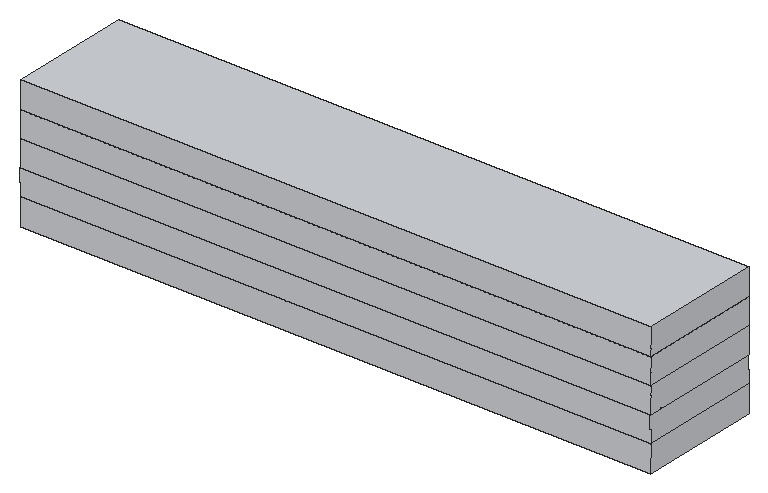
Revit family "_dom", category Generic Models, Revit 2025
Family settings
  Can host rebar = No
  Round Connector Dimension = Use Diameter
  Part Type = Normal
  Work Plane-Based = No
  Always vertical = Yes
  Cut with Voids When Loaded = No
  Maintain Annotation Orientation = No
  Shared = No
  Room Calculation Point = No
Parameters
  Default Elevation = 0 mm
  B = 14000 mm
  A = 72000 mm
Reference planes
  plane 1 "Center (Front/Back)": y = 0
  plane 2: z = 0
  plane 3 "Center (Left/Right)": x = 0
  plane 4: z = 0
  plane 5: z = 3000
  plane 6: z = 6000
  plane 7: z = 9000
  plane 8: z = 12000
Forms (mm)
  Extrusion 1, solid
    sketch origin (0, 2185.48, 0) x (0, 1, 0) y (-1, 0, 0)
      loop
        line (4814.52, 36000) -> (-9185.48, 36000) -> (-9185.48, -36000) -> (4814.52, -36000) -> (4814.52, 36000)
    from 0 to 3000
  Extrusion 2, solid
    sketch origin (0, 2185.48, 3000) x (0, 1, 0) y (-1, 0, 0)
      loop
        line (4814.52, 36000) -> (-9185.48, 36000) -> (-9185.48, -36000) -> (4814.52, -36000) -> (4814.52, 36000)
    from 0 to 3000
  Extrusion 3, solid
    sketch origin (0, 2185.48, 6000) x (0, 1, 0) y (-1, 0, 0)
      loop
        line (4814.52, 36000) -> (-9185.48, 36000) -> (-9185.48, -36000) -> (4814.52, -36000) -> (4814.52, 36000)
    from 0 to 3000
  Extrusion 4, solid
    sketch origin (0, 2185.48, 9000) x (0, 1, 0) y (-1, 0, 0)
      loop
        line (4814.52, 36000) -> (-9185.48, 36000) -> (-9185.48, -36000) -> (4814.52, -36000) -> (4814.52, 36000)
    from 0 to 3000
  Extrusion 5, solid
    sketch origin (0, 2185.48, 12000) x (0, 1, 0) y (-1, 0, 0)
      loop
        line (4814.52, 36000) -> (-9185.48, 36000) -> (-9185.48, -36000) -> (4814.52, -36000) -> (4814.52, 36000)
    from 0 to 3000
Dimensions and locks
  "A": Extrusion 1 sketch curve to Extrusion 1 sketch curve
  "B": Extrusion 1 sketch curve to Extrusion 1 sketch curve
  "A": Extrusion 2 sketch curve to Extrusion 2 sketch curve
  "B": Extrusion 2 sketch curve to Extrusion 2 sketch curve
  equal spacing: group 1, group 2, group 3, group 4, group 5  (x3)
  "A": Extrusion 3 sketch curve to Extrusion 3 sketch curve
  "B": Extrusion 3 sketch curve to Extrusion 3 sketch curve
  "A": Extrusion 4 sketch curve to Extrusion 4 sketch curve
  "B": Extrusion 4 sketch curve to Extrusion 4 sketch curve
  "A": Extrusion 5 sketch curve to Extrusion 5 sketch curve
  "B": Extrusion 5 sketch curve to Extrusion 5 sketch curve
  aligned and locked: level to plane 2
